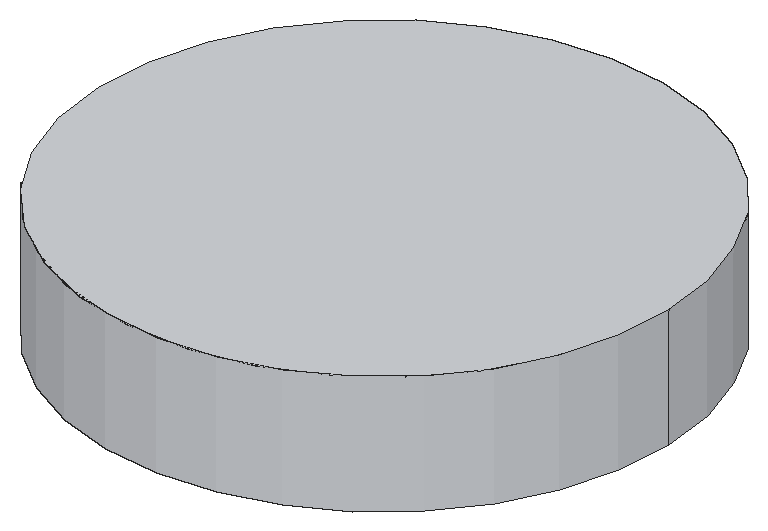
Revit family "WC 2.5", category Aparatos sanitarios, Revit 2021
Family settings
  Cota de conector redondo = Diámetro de uso
  Tipo de pieza = Normal
  Número OmniClass = 23.45.00.00
  Título OmniClass = Sanitary, Laundry, and Cleaning Equipment
  Se basa en plano de trabajo = No
  Siempre vertical = Sí
  Corte con vacíos al cargar = No
  Compartido = No
  Punto de cálculo de habitación = No
Parameters (values of type "WC 2.5")
  URL = "https://www.helvex.com.mx//productos/modelo/inodoro-wc-2.5"
  Imagen de tipo = WC 2.5.jpg
  Elevación por defecto = 0"
  Comentarios de tipo = "Ceramic"
  Total Width = 14.3"
  Total Length = 26.3"
  Total Height = 32"
  Modelo = "WC 2.5"
  Min. Working Pressure = 3.55 psi
  Maximum Consumption = "0.66 gpf"
  Max. Working Pressure = 85.34 psi
  Fabricante = "HELVEX"
  Instructive = "https://www.helvex.com.mx//productos/modelo/inodoro-wc-2.5"
  Inlet Threads = "Feeding: Ø15/16\" - 14 NS - 1;  Flush: Couple With Sanitary Flange"
  High Gloss Ceramic = High Gloss Ceramic
  Descripción = "Inodoro, Taza y Tanque WC 2.5 Altura Confortable, Sistema Turvex"
  Data Sheet = "https://www.helvex.com.mx/files/especificacion/product800.pdf"
Reference planes (in)
  plane 1 "Center (Front/Back)": y = 0
  plane 2: z = 0
  plane 3 "Center (Left/Right)": x = 0
  plane 4: y = -12
Forms (in)
  Extrusion 1, solid
    sketch origin (0, -11.66092, 0) x (1, 0, 0) y (0, 1, 0)
      loop
        circle (0, 0) r 2
    from 0 to 0.85097
Dimensions and locks (in)
  locked: plane 4 to plane 1 "Center (Front/Back)" at 12  (x2)
  aligned and locked: level to plane 2
Connectors (in)
  piping at (0, -11.66092, 0), diameter 4
    settings: on Extrusion 1, index 1, connector inside diameter 609.6 mm, connector length 0", flow factor 0, pipe flow 0.0 GPM, pressure drop 0.0 psi, fitting loss kfactor 0, connector angle 0.00°, fixture units 0, engagement length 0", angle of deflection 0.00°, flow configuration 2, flow direction 2, fitting loss method 0, system type 16, joint type 0, gender type 0, connector reference index -1, connector utility 0, adjustable connector no, is connector primary yes, connector description ""
